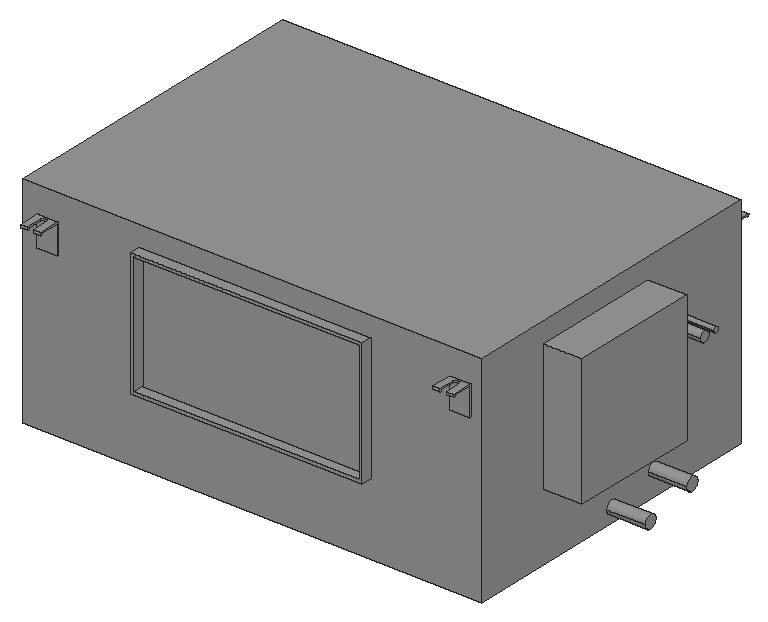
Revit family "Trane_TVR_Indoor_High static pressure_4TVA0024(27,30,38)EF000AA(2nd DC)", category Equipamento mecânico, Revit 2019
Family settings
  Cota do conector redondo = Utilizar diâmetro
  Tipo de parte = Normal
  Número OmniClass = 23.75.00.00
  Título OmniClass = Climate Control (HVAC)
  Com base no plano de trabalho = Não
  Sempre na vertical = Sim
  Corte com vazios quando carregada = Não
  Compartilhado = Não
  Ponto de cálculo do ambiente = Não
Parameters (values of type "4TVA0038EF000AA")
  clearance access right = 600.000 mm
  clearance access left = 500.000 mm
  clearance access front = 0.000 mm
  clearance access behind = 0.000 mm
  clearance [instance] = no
  Width = 965.000 mm
  URL = "https://www.trane.com/commercial/latin-america/br/pt.html"
  Series = "TVR ULTRA"
  Power supply = "220-240V ~50/60Hz"
  Net Weight = 48.00 kg
  Modelo = "4TVA0038EF000AA"
  Minimum Circuit Amps = 3.625 A
  Maximum Fuse Amps = 15.000 A
  Fabricante = "Trane"
  Machine material = grilles：ABS/HIPS
  Liquid pipe = 9.530 mm
  Installation = "Indoor installation"
  Height = 423.000 mm
  Heating Power Input = 380 W
  Heating Capacity = 12.5 kW
  Gas pipe = 19.100 mm
  Gas = "R410a"
  Drain pipe = 25.000 mm
  Descrição = "High efficiency air cooled"
  Depth = 690.000 mm
  Cooling Power Input = 380 W
  Cooling Capacity = 11.2 kW
  Condensation = "air"
  Air Flow = "1870/1793/1697/1610/1523/1437/1350"
Types (5, lengths in mm): name | Net Weight | Modelo | Heating Power Input | Heating Capacity | Cooling Power Input | Cooling Capacity | Air Flow
  (no name) | 48.00 kg | "4TVA0038EF000AA" | 380 W | 12.5 kW | 380 W | 11.2 kW | "1870/1793/1697/1610/1523/1437/1350"
  4TVA0038EF000AA | 48.00 kg | "4TVA0038EF000AA" | 380 W | 12.5 kW | 380 W | 11.2 kW | "1870/1793/1697/1610/1523/1437/1350"
  4TVA0024EF000AA | 41.00 kg | "4TVA0024EF000AA" | 180 W | 8 kW | 180 W | 7.1 kW | "1360/1327/1293/1260/1227/1193/1160"
  4TVA0027EF000AA | 41.00 kg | "4TVA0027EF000AA" | 180 W | 9 kW | 180 W | 8 kW | "1360/1327/1293/1260/1227/1193/1160"
  4TVA0030EF000AA | 48.00 kg | "4TVA0030EF000AA" | 220 W | 10 kW | 220 W | 9 kW | "1420/1373/1327/1280/1233/1187/1140"
Reference planes
  plane 1 "center(front/back)": y = 0
  plane 2: z = 0
  plane 3 "center(left/right)": x = 0
  plane 4: z = 258.396
Forms (mm)
  Extrusion 1, solid, material "grilles：ABS/HIPS" <- "Machine material", detail levels medium+fine
    sketch origin (0, 0, 0) x (1, 0, 0) y (0, 1, 0)
      loop
        line (0, 315) -> (-451, 315) -> (-451, -315) -> (438, -315) -> (438, 315) -> (0, 315)
    from 0 to 423
  Extrusion 2, solid, material "grilles：ABS/HIPS" <- "Machine material", detail levels fine
    sketch origin (0, 0, 0) x (1, 0, 0) y (0, 1, 0)
      loop
        line (438, 87) -> (438, -166) -> (514, -166) -> (514, 87) -> (438, 87)
    from 132.074 to 384.718
  Extrusion 3, solid, material "grilles：ABS/HIPS" <- "Machine material", detail levels fine
    sketch origin (0, 0, 0) x (0, 1, 0) y (0, 0, 1)
      loop
        circle (131, 292.958) r 9.55
    from 438 to 514
  Extrusion 4, solid, material "grilles：ABS/HIPS" <- "Machine material", detail levels fine
    sketch origin (0, 0, 0) x (0, 1, 0) y (0, 0, 1)
      loop
        circle (158.966, 292.958) r 4.765
    from 438 to 514
  Extrusion 5, solid, material "grilles：ABS/HIPS" <- "Machine material", detail levels fine
    sketch origin (0, 0, 0) x (0, 1, 0) y (0, 0, 1)
      loop
        circle (101.237, 50.146) r 12.5
    from 438 to 514
  Extrusion 6, solid, material "grilles：ABS/HIPS" <- "Machine material", detail levels fine
    sketch origin (0, 0, 0) x (0, 1, 0) y (0, 0, 1)
      loop
        circle (0, 28.759) r 12.5
    from 438 to 514
  Extrusion 7, solid, material "grilles：ABS/HIPS" <- "Machine material", detail levels fine
    sketch origin (0, 0, 0) x (1, 0, 0) y (0, 0, 1)
      loop
        line (-224, 384.718) -> (-224, 140) -> (224, 140) -> (224, 384.718) -> (-224, 384.718)
      loop
        line (-219, 379.718) -> (-219, 145) -> (219, 145) -> (219, 379.718) -> (-219, 379.718)
    from 315 to 336
  Extrusion 8, solid, material "grilles：ABS/HIPS" <- "Machine material", detail levels fine
    sketch origin (0, 0, 0) x (1, 0, 0) y (0, 0, 1)
      loop
        line (361, 384.718) -> (-361, 384.718) -> (-361, 45.718) -> (361, 45.718) -> (361, 384.718)
      loop
        line (356, 379.718) -> (-356, 379.718) -> (-356, 50.718) -> (356, 50.718) -> (356, 379.718)
    from -354 to -315
Lines and regions (mm)
  model lines
    curve 1: line (-451, 315, 423) -> (438, 315, 423)
    curve 2: line (438, 315, 423) -> (438, -315, 423)
    curve 3: line (438, -315, 423) -> (-451, -315, 423)
    curve 4: line (-451, -315, 423) -> (-451, 315, 423)
    curve 5: line (-451, -315, 0) -> (438, -315, 0)
    curve 6: line (438, -315, 0) -> (438, 315, 0)
    curve 7: line (438, 315, 0) -> (-451, 315, 0)
    curve 8: line (-451, 315, 0) -> (-451, -315, 0)
    curve 9: line (-451, -315, 423) -> (-451, -315, 0)
    curve 10: line (438, -315, 423) -> (438, -315, 0)
    curve 11: line (438, 315, 423) -> (438, 315, 0)
    curve 12: line (-438, 315, 0) -> (-438, 315, 423)
Dimensions and locks
  Extrusion 8 to Extrusion 8 = 339.000 mm
  Extrusion 8 to Extrusion 8 = 722.000 mm
  "Width": Extrusion 1 to Extrusion 2
  "Depth": Extrusion 7 to Extrusion 8
  "Height": Extrusion 1 to Extrusion 1
  "Liquid pipe": diameter of Extrusion 4
  "Gas pipe": diameter of Extrusion 3
  aligned and locked: level to plane 2
Automatic sketch dimensions
  Extrusion 1 sketch curve to plane 3 "center(left/right)" = 0.000 mm
  plane 1 "center(front/back)" to Extrusion 1 sketch curve = 315.000 mm
  Extrusion 1 sketch curve to plane 3 "center(left/right)" = 451.000 mm
  plane 3 "center(left/right)" to Extrusion 1 sketch curve = 438.000 mm
  plane 1 "center(front/back)" to Extrusion 2 sketch curve = 166.000 mm
  plane 3 "center(left/right)" to Extrusion 2 sketch curve = 438.000 mm
  Extrusion 2 sketch curve to Extrusion 2 sketch curve = 76.000 mm
  Extrusion 3 sketch curve to plane 4 = 34.562 mm
  Extrusion 4 sketch curve to plane 4 = 34.562 mm
  level to Extrusion 5 sketch curve = 50.146 mm
  Extrusion 6 sketch curve to plane 1 "center(front/back)" = 0.000 mm
  level to Extrusion 6 sketch curve = 28.759 mm
  Extrusion 7 sketch curve to plane 3 "center(left/right)" = 224.000 mm
  plane 4 to Extrusion 7 sketch curve = 118.396 mm
  Extrusion 7 sketch curve to Extrusion 7 sketch curve = 5.000 mm  (x4)
  plane 3 "center(left/right)" to Extrusion 7 sketch curve = 219.000 mm
  Extrusion 7 sketch curve to plane 4 = 121.322 mm
  Extrusion 8 sketch curve to plane 4 = 126.322 mm
  Extrusion 8 sketch curve to plane 3 "center(left/right)" = 361.000 mm
  level to Extrusion 8 sketch curve = 45.718 mm
  Extrusion 8 sketch curve to Extrusion 8 sketch curve = 5.000 mm  (x3)
  Extrusion 8 sketch curve to plane 4 = 121.322 mm
  plane 3 "center(left/right)" to Extrusion 8 sketch curve = 356.000 mm
  curve 4 to Extrusion 1 = 0.000 mm  (x2)
  Extrusion 1 to curve 3 = 0.000 mm
  curve 3 to Extrusion 1 = 0.000 mm
  curve 8 to Extrusion 1 = 0.000 mm  (x2)
  curve 7 to Extrusion 1 = 0.000 mm  (x2)
  curve 10 to Extrusion 1 = 0.000 mm  (x3)
  curve 9 to Extrusion 1 = 0.000 mm  (x3)
  curve 12 to Extrusion 1 = 0.000 mm  (x2)
  curve 11 to Extrusion 1 = 0.000 mm  (x3)
  Extrusion 1 to curve 12 = 438.000 mm
  Extrusion 1 sketch curve to plane 1 "center(front/back)" = 315.000 mm
  Extrusion 2 sketch curve to plane 1 "center(front/back)" = 87.000 mm
  Extrusion 3 sketch curve to plane 1 "center(front/back)" = 131.000 mm
  Extrusion 4 sketch curve to plane 1 "center(front/back)" = 158.966 mm
  Extrusion 5 sketch curve to plane 1 "center(front/back)" = 101.237 mm
  radius of Extrusion 3 sketch curve = 9.550 mm
  radius of Extrusion 4 sketch curve = 4.765 mm
  radius of Extrusion 5 sketch curve = 12.500 mm
  radius of Extrusion 6 sketch curve = 12.500 mm
Nested families
  nested 1: "Beautiful-Dao-Lagou" at (378, -315, 315.118), type "Dao-Lagou", detail levels fine
  nested 2: "Beautiful-Dao-Lagou" at (-422.168, -315, 315.118), type "Dao-Lagou", detail levels fine
  nested 3: "Beautiful-Dao-Lagou" at (418, 315, 315.118) x (-1, 0, 0) z (0, 0, 1), type "Dao-Lagou", detail levels fine
  nested 4: "Beautiful-Dao-Lagou" at (-382.168, 315, 315.118) x (-1, 0, 0) z (0, 0, 1), type "Dao-Lagou", detail levels fine
Connectors
  electrical at (514, -39.5, 258.396)
    settings: on Extrusion 2, index 4, voltage 220 V, apparent load 0 VA, apparent load phase1 0 VA, apparent load phase2 0 VA, apparent load phase3 0 VA, power factor 1, load classification "Power", number of poles 1, system type 30, power factor state 1, is connector primary yes, connector utility no, sub classification motor no, connector description "The location of electrical connectors is not the same as the actual location because the wiring terminal is inside the unit."
  piping at (514, 101.237, 50.146), diameter 25
    settings: on Extrusion 5, index 5, connector inside diameter 25 mm, connector length 0.000 mm, flow factor 0, pipe flow 0.0 m³/h, pressure drop 0.0 Pa, fitting loss kfactor 0, connector angle 0.00°, fixture units 0, engagement length 0.000 mm, angle of deflection 0.00°, flow configuration 1, flow direction 2, fitting loss method 0, system type 29, joint type 0, gender type 0, connector reference index -1, connector utility 0, adjustable connector no, is connector primary yes, connector description "Drain pipe OD Φ 25mm"
  piping at (514, 131, 292.958), diameter 19.1
    settings: on Extrusion 3, index 6, connector inside diameter 19.1 mm, connector length 0.000 mm, flow factor 0, pipe flow 0.0 m³/h, pressure drop 0.0 Pa, fitting loss kfactor 0, connector angle 0.00°, fixture units 0, engagement length 0.000 mm, angle of deflection 0.00°, flow configuration 1, flow direction 0, fitting loss method 4, system type 22, joint type 0, gender type 0, connector reference index -1, connector utility 0, adjustable connector no, is connector primary no, connector description "Gas pipe Φ19.1mm"
  piping at (514, 158.966, 292.958), diameter 9.53
    settings: on Extrusion 4, index 7, connector inside diameter 9.53 mm, connector length 0.000 mm, flow factor 0, pipe flow 0.0 m³/h, pressure drop 0.0 Pa, fitting loss kfactor 0, connector angle 0.00°, fixture units 0, engagement length 0.000 mm, angle of deflection 0.00°, flow configuration 1, flow direction 0, fitting loss method 4, system type 22, joint type 0, gender type 0, connector reference index -1, connector utility 0, adjustable connector no, is connector primary no, connector description "Liquid pipe Φ9.53mm"
  hvac at (0, 354, 215.218)
    settings: on Extrusion 8, index 8, duct flow 0.00 m³/h, flow factor 0, pres drop 0.0 Pa, loss coef 0, conn angle 0.00°, conn width 722 mm, conn height 339 mm, conn diameter 609.6 mm, duct sys type 2, conn prof type 1, flow config 0, flow direction 0, loss method 4, conn ref index -1, conn util no, is conn primary yes, conn desc ""
  hvac at (0, -336, 262.359)
    settings: on Extrusion 7, index 9, duct flow 0.00 m³/h, flow factor 0, pres drop 0.0 Pa, loss coef 0, conn angle 0.00°, conn width 448 mm, conn height 224 mm, conn diameter 609.6 mm, duct sys type 1, conn prof type 1, flow config 0, flow direction 0, loss method 4, conn ref index -1, conn util no, is conn primary no, conn desc ""
Definition of nested family "Beautiful-Dao-Lagou"
  Parameters
    Machine material = none
  Reference planes
    plane 1 "Center (Front/Back)": y = 0
    plane 2: z = 0
    plane 3 "Center (Left/Right)": x = 0
  Forms (mm)
    Extrusion 1, solid, material <- "Machine material"
      sketch origin (0, 0, 18) x (0, 1, 0) y (0, 0, 1)
        loop
          line (0, -18) -> (0, 40) -> (-42, 40) -> (-42, 35) -> (-40, 35) -> (-40, 38) -> (-2, 38) -> (-2, -18) -> (0, -18)
      from 0 to 40
    Extrusion 2, void
      sketch origin (0, 0, 0) x (1, 0, 0) y (0, 1, 0)
        loop
          line (14, -30) -> (14, -42) -> (26, -42) -> (26, -30) -> (26, -12)
          arc (26, -12) -> (20, -6) -> (14, -12) r 6
          line (14, -12) -> (14, -30)
      from 53 to 58
  Cuts and joins
    Extrusion 2 cuts Extrusion 1
  Dimensions and locks
    aligned and locked: level to plane 2
